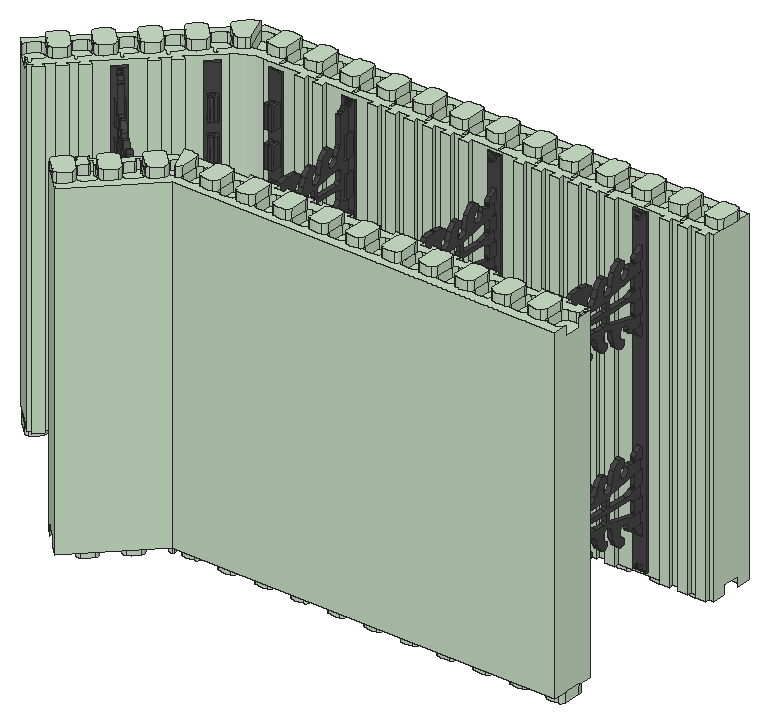
Revit family "ICF- NUDURA 8-inch- 45 Degree Form Unit- Imperial", category Generic Models, Revit 2011 (continued)
Definition of nested family "NUDURA Logo Diamond Missing Outside Line"
  Lines and regions (in)
    model lines
      curve 197: line (11.82444, 0, 9.40811) -> (11.82444, 0, 9.51182)
      curve 198: line (11.87938, 0, 9.56195) -> (12.31108, 0, 9.46528)
      curve 199: line (12.31108, 0, 9.46528) -> (12.31108, 0, 9.98469)
      curve 200: line (12.31108, 0, 9.98469) -> (11.90664, 0, 10.07526)
      curve 201: line (11.90664, 0, 10.07526) -> (12.31108, 0, 10.20747)
      curve 202: line (12.31108, 0, 10.20747) -> (12.31108, 0, 10.60411)
      curve 203: arc (11.68379, 0, 9.65536) -> (11.73801, 0, 9.7708) -> (11.86146, 0, 9.80279) r 0.15
      curve 204: arc (11.68379, 0, 9.35864) -> (11.74962, 0, 9.17112) -> (11.91823, 0, 9.06589) r 0.3
      curve 205: arc (11.84417, 0, 8.22149) -> (11.72718, 0, 8.32679) -> (11.68379, 0, 8.47809) r 0.28547
      curve 206: arc (11.68379, 0, 8.07193) -> (11.73147, 0, 8.18158) -> (11.84417, 0, 8.22149) r 0.14992
      curve 207: arc (11.68379, 0, 7.77522) -> (11.74962, 0, 7.58769) -> (11.91823, 0, 7.48247) r 0.3
      curve 208: arc (11.82444, 0, 7.82469) -> (11.84638, 0, 7.76218) -> (11.90258, 0, 7.7271) r 0.1
      curve 209: arc (11.82444, 0, 7.92839) -> (11.84318, 0, 7.96742) -> (11.88536, 0, 7.97718) r 0.05
      curve 210: arc (12.12077, 0, 6.90405) -> (12.08541, 0, 6.91869) -> (12.07077, 0, 6.95405) r 0.05
      curve 211: arc (12.16108, 0, 6.90405) -> (12.19644, 0, 6.91869) -> (12.21108, 0, 6.95405) r 0.05
      curve 212: arc (11.97077, 0, 6.99425) -> (11.95612, 0, 6.95889) -> (11.92077, 0, 6.94425) r 0.05
      curve 213: arc (11.90321, 0, 6.67694) -> (11.96756, 0, 6.70069) -> (12.00104, 0, 6.76055) r 0.09904
      curve 214: arc (12.00104, 0, 6.76055) -> (12.1681, 0, 6.63117) -> (12.31108, 0, 6.78674) r 0.15613
      curve 215: arc (12.08042, 0, 8.17826) -> (12.24181, 0, 8.22914) -> (12.31108, 0, 8.38353) r 0.20667
      curve 216: arc (11.82444, 0, 8.55476) -> (11.9976, 0, 8.3816) -> (12.17077, 0, 8.55476) r 0.17317
      curve 217: arc (11.82444, 0, 9.40811) -> (11.84638, 0, 9.34561) -> (11.90258, 0, 9.31053) r 0.1
      curve 218: arc (11.82444, 0, 9.51182) -> (11.8459, 0, 9.55306) -> (11.892, 0, 9.55913) r 0.05034
      curve 219: arc (11.24744, 0, 12.12855) -> (11.35727, 0, 12.39372) -> (11.62244, 0, 12.50355) r 0.375
      curve 220: arc (12.37244, 0, 12.50355) -> (12.6376, 0, 12.39372) -> (12.74744, 0, 12.12855) r 0.375
      curve 221: arc (11.24744, 0, 5.87855) -> (11.35727, 0, 5.61339) -> (11.62244, 0, 5.50355) r 0.375
      curve 222: arc (12.37244, 0, 5.50355) -> (12.6376, 0, 5.61339) -> (12.74744, 0, 5.87855) r 0.375
      curve 223: line (9.99744, 0, 18) -> (9.99744, 0, 0)
      curve 224: line (13.99744, 0, 18) -> (13.99744, 0, 0)
Definition of nested family "NUDURA Diamond Pattern Missing Two Lines"
  Reference planes (in)
    plane 1 "Center (Front/Back)": y = 0
    plane 2: z = 0
    plane 3 "Center (Left/Right)": x = 0
    plane 4: z = 18
  Lines and regions (in)
    model lines
      curve 1: line (2, -5.625, 18) -> (2, -5.625, 0)
      curve 2: line (3.35367, -5.625, 16.98484) -> (3.69709, -5.625, 16.64142)
      curve 3: arc (3.35367, -5.625, 17.51517) -> (3.24384, -5.625, 17.25) -> (3.35367, -5.625, 16.98484) r 0.375
      curve 4: line (3.72867, -5.625, 17.89017) -> (3.35367, -5.625, 17.51517)
      curve 5: arc (4.259, -5.625, 17.89017) -> (3.99384, -5.625, 18) -> (3.72867, -5.625, 17.89017) r 0.375
      curve 6: line (4.634, -5.625, 17.51517) -> (4.259, -5.625, 17.89017)
      curve 7: arc (4.634, -5.625, 16.98484) -> (4.74384, -5.625, 17.25) -> (4.634, -5.625, 17.51517) r 0.375
      curve 8: line (4.29059, -5.625, 16.64142) -> (4.634, -5.625, 16.98484)
      curve 9: arc (4.17062, -5.625, 17.80178) -> (3.99384, -5.625, 17.875) -> (3.81706, -5.625, 17.80178) r 0.25
      curve 10: line (4.54562, -5.625, 17.42678) -> (4.17062, -5.625, 17.80178)
      curve 11: arc (4.54562, -5.625, 17.07322) -> (4.61884, -5.625, 17.25) -> (4.54562, -5.625, 17.42678) r 0.25
      curve 12: line (4.17062, -5.625, 16.69822) -> (4.54562, -5.625, 17.07322)
      curve 13: arc (3.81706, -5.625, 16.69822) -> (3.99384, -5.625, 16.625) -> (4.17062, -5.625, 16.69822) r 0.25
      curve 14: line (3.44206, -5.625, 17.07322) -> (3.81706, -5.625, 16.69822)
      curve 15: arc (3.44206, -5.625, 17.42678) -> (3.36884, -5.625, 17.25) -> (3.44206, -5.625, 17.07322) r 0.25
      curve 16: line (3.81706, -5.625, 17.80178) -> (3.44206, -5.625, 17.42678)
      curve 17: arc (3.69709, -5.625, 16.35858) -> (3.75567, -5.625, 16.5) -> (3.69709, -5.625, 16.64142) r 0.2
      curve 18: line (4.634, -5.625, 16.01517) -> (4.29059, -5.625, 16.35858)
      curve 19: arc (4.634, -5.625, 15.48484) -> (4.74384, -5.625, 15.75) -> (4.634, -5.625, 16.01517) r 0.375
      curve 20: line (4.29059, -5.625, 15.14142) -> (4.634, -5.625, 15.48484)
      curve 21: line (3.35367, -5.625, 15.48484) -> (3.69709, -5.625, 15.14142)
      curve 22: arc (3.35367, -5.625, 16.01517) -> (3.24384, -5.625, 15.75) -> (3.35367, -5.625, 15.48484) r 0.375
      curve 23: line (3.69709, -5.625, 16.35858) -> (3.35367, -5.625, 16.01517)
      curve 24: arc (4.17062, -5.625, 16.30178) -> (3.99384, -5.625, 16.375) -> (3.81706, -5.625, 16.30178) r 0.25
      curve 25: line (3.81706, -5.625, 16.30178) -> (3.44206, -5.625, 15.92678)
      curve 26: arc (3.44206, -5.625, 15.92678) -> (3.36884, -5.625, 15.75) -> (3.44206, -5.625, 15.57322) r 0.25
      curve 27: line (3.44206, -5.625, 15.57322) -> (3.81706, -5.625, 15.19822)
      curve 28: arc (3.81706, -5.625, 15.19822) -> (3.99384, -5.625, 15.125) -> (4.17062, -5.625, 15.19822) r 0.25
      curve 29: line (4.17062, -5.625, 15.19822) -> (4.54562, -5.625, 15.57322)
      curve 30: arc (4.54562, -5.625, 15.57322) -> (4.61884, -5.625, 15.75) -> (4.54562, -5.625, 15.92678) r 0.25
      curve 31: line (4.54562, -5.625, 15.92678) -> (4.17062, -5.625, 16.30178)
      curve 32: arc (3.69709, -5.625, 14.85858) -> (3.75567, -5.625, 15) -> (3.69709, -5.625, 15.14142) r 0.2
      curve 33: line (4.634, -5.625, 14.51517) -> (4.29059, -5.625, 14.85858)
      curve 34: arc (4.634, -5.625, 13.98484) -> (4.74384, -5.625, 14.25) -> (4.634, -5.625, 14.51517) r 0.375
      curve 35: line (4.29059, -5.625, 13.64142) -> (4.634, -5.625, 13.98484)
      curve 36: line (3.35367, -5.625, 13.98484) -> (3.69709, -5.625, 13.64142)
      curve 37: arc (3.35367, -5.625, 14.51517) -> (3.24384, -5.625, 14.25) -> (3.35367, -5.625, 13.98484) r 0.375
      curve 38: line (3.69709, -5.625, 14.85858) -> (3.35367, -5.625, 14.51517)
      curve 39: arc (4.17062, -5.625, 14.80178) -> (3.99384, -5.625, 14.875) -> (3.81706, -5.625, 14.80178) r 0.25
      curve 40: line (3.81706, -5.625, 14.80178) -> (3.44206, -5.625, 14.42678)
      curve 41: arc (3.44206, -5.625, 14.42678) -> (3.36884, -5.625, 14.25) -> (3.44206, -5.625, 14.07322) r 0.25
      curve 42: line (3.44206, -5.625, 14.07322) -> (3.81706, -5.625, 13.69822)
      curve 43: arc (3.81706, -5.625, 13.69822) -> (3.99384, -5.625, 13.625) -> (4.17062, -5.625, 13.69822) r 0.25
      curve 44: line (4.17062, -5.625, 13.69822) -> (4.54562, -5.625, 14.07322)
      curve 45: arc (4.54562, -5.625, 14.07322) -> (4.61884, -5.625, 14.25) -> (4.54562, -5.625, 14.42678) r 0.25
      curve 46: line (4.54562, -5.625, 14.42678) -> (4.17062, -5.625, 14.80178)
      curve 47: arc (3.69709, -5.625, 13.35858) -> (3.75567, -5.625, 13.5) -> (3.69709, -5.625, 13.64142) r 0.2
      curve 48: line (4.634, -5.625, 13.01517) -> (4.29059, -5.625, 13.35858)
      curve 49: arc (4.634, -5.625, 12.48484) -> (4.74384, -5.625, 12.75) -> (4.634, -5.625, 13.01517) r 0.375
      curve 50: line (4.29059, -5.625, 12.14142) -> (4.634, -5.625, 12.48484)
      curve 51: line (3.35367, -5.625, 12.48484) -> (3.69709, -5.625, 12.14142)
      curve 52: arc (3.35367, -5.625, 13.01517) -> (3.24384, -5.625, 12.75) -> (3.35367, -5.625, 12.48484) r 0.375
      curve 53: line (3.69709, -5.625, 13.35858) -> (3.35367, -5.625, 13.01517)
      curve 54: arc (4.17062, -5.625, 13.30178) -> (3.99384, -5.625, 13.375) -> (3.81706, -5.625, 13.30178) r 0.25
      curve 55: line (3.81706, -5.625, 13.30178) -> (3.44206, -5.625, 12.92678)
      curve 56: arc (3.44206, -5.625, 12.92678) -> (3.36884, -5.625, 12.75) -> (3.44206, -5.625, 12.57322) r 0.25
      curve 57: line (3.44206, -5.625, 12.57322) -> (3.81706, -5.625, 12.19822)
      curve 58: arc (3.81706, -5.625, 12.19822) -> (3.99384, -5.625, 12.125) -> (4.17062, -5.625, 12.19822) r 0.25
      curve 59: line (4.17062, -5.625, 12.19822) -> (4.54562, -5.625, 12.57322)
      curve 60: arc (4.54562, -5.625, 12.57322) -> (4.61884, -5.625, 12.75) -> (4.54562, -5.625, 12.92678) r 0.25
      curve 61: line (4.54562, -5.625, 12.92678) -> (4.17062, -5.625, 13.30178)
      curve 62: arc (3.69709, -5.625, 11.85858) -> (3.75567, -5.625, 12) -> (3.69709, -5.625, 12.14142) r 0.2
      curve 63: line (4.634, -5.625, 11.51517) -> (4.29059, -5.625, 11.85858)
      curve 64: arc (4.634, -5.625, 10.98484) -> (4.74384, -5.625, 11.25) -> (4.634, -5.625, 11.51517) r 0.375
      curve 65: line (4.29059, -5.625, 10.64142) -> (4.634, -5.625, 10.98484)
      curve 66: line (3.35367, -5.625, 10.98484) -> (3.69709, -5.625, 10.64142)
      curve 67: arc (3.35367, -5.625, 11.51517) -> (3.24384, -5.625, 11.25) -> (3.35367, -5.625, 10.98484) r 0.375
      curve 68: line (3.69709, -5.625, 11.85858) -> (3.35367, -5.625, 11.51517)
      curve 69: arc (4.17062, -5.625, 11.80178) -> (3.99384, -5.625, 11.875) -> (3.81706, -5.625, 11.80178) r 0.25
      curve 70: line (3.81706, -5.625, 11.80178) -> (3.44206, -5.625, 11.42678)
      curve 71: arc (3.44206, -5.625, 11.42678) -> (3.36884, -5.625, 11.25) -> (3.44206, -5.625, 11.07322) r 0.25
      curve 72: line (3.44206, -5.625, 11.07322) -> (3.81706, -5.625, 10.69822)
      curve 73: arc (3.81706, -5.625, 10.69822) -> (3.99384, -5.625, 10.625) -> (4.17062, -5.625, 10.69822) r 0.25
      curve 74: line (4.17062, -5.625, 10.69822) -> (4.54562, -5.625, 11.07322)
      curve 75: arc (4.54562, -5.625, 11.07322) -> (4.61884, -5.625, 11.25) -> (4.54562, -5.625, 11.42678) r 0.25
      curve 76: line (4.54562, -5.625, 11.42678) -> (4.17062, -5.625, 11.80178)
      curve 77: arc (3.69709, -5.625, 10.35858) -> (3.75567, -5.625, 10.5) -> (3.69709, -5.625, 10.64142) r 0.2
      curve 78: line (4.634, -5.625, 10.01517) -> (4.29059, -5.625, 10.35858)
      curve 79: arc (4.634, -5.625, 9.48484) -> (4.74384, -5.625, 9.75) -> (4.634, -5.625, 10.01517) r 0.375
      curve 80: line (4.29059, -5.625, 9.14142) -> (4.634, -5.625, 9.48484)
      curve 81: line (3.35367, -5.625, 9.48484) -> (3.69709, -5.625, 9.14142)
      curve 82: arc (3.35367, -5.625, 10.01517) -> (3.24384, -5.625, 9.75) -> (3.35367, -5.625, 9.48484) r 0.375
      curve 83: line (3.69709, -5.625, 10.35858) -> (3.35367, -5.625, 10.01517)
      curve 84: arc (4.17062, -5.625, 10.30178) -> (3.99384, -5.625, 10.375) -> (3.81706, -5.625, 10.30178) r 0.25
      curve 85: line (3.81706, -5.625, 10.30178) -> (3.44206, -5.625, 9.92678)
      curve 86: arc (3.44206, -5.625, 9.92678) -> (3.36884, -5.625, 9.75) -> (3.44206, -5.625, 9.57322) r 0.25
      curve 87: line (3.44206, -5.625, 9.57322) -> (3.81706, -5.625, 9.19822)
      curve 88: arc (3.81706, -5.625, 9.19822) -> (3.99384, -5.625, 9.125) -> (4.17062, -5.625, 9.19822) r 0.25
      curve 89: line (4.17062, -5.625, 9.19822) -> (4.54562, -5.625, 9.57322)
      curve 90: arc (4.54562, -5.625, 9.57322) -> (4.61884, -5.625, 9.75) -> (4.54562, -5.625, 9.92678) r 0.25
      curve 91: line (4.54562, -5.625, 9.92678) -> (4.17062, -5.625, 10.30178)
      curve 92: arc (3.69709, -5.625, 8.85858) -> (3.75567, -5.625, 9) -> (3.69709, -5.625, 9.14142) r 0.2
      curve 93: line (4.634, -5.625, 8.51517) -> (4.29059, -5.625, 8.85858)
      curve 94: arc (4.634, -5.625, 7.98484) -> (4.74384, -5.625, 8.25) -> (4.634, -5.625, 8.51517) r 0.375
      curve 95: line (4.29059, -5.625, 7.64142) -> (4.634, -5.625, 7.98484)
      curve 96: line (3.35367, -5.625, 7.98484) -> (3.69709, -5.625, 7.64142)
      curve 97: arc (3.35367, -5.625, 8.51517) -> (3.24384, -5.625, 8.25) -> (3.35367, -5.625, 7.98484) r 0.375
      curve 98: line (3.69709, -5.625, 8.85858) -> (3.35367, -5.625, 8.51517)
      curve 99: arc (4.17062, -5.625, 8.80178) -> (3.99384, -5.625, 8.875) -> (3.81706, -5.625, 8.80178) r 0.25
      curve 100: line (3.81706, -5.625, 8.80178) -> (3.44206, -5.625, 8.42678)
      curve 101: arc (3.44206, -5.625, 8.42678) -> (3.36884, -5.625, 8.25) -> (3.44206, -5.625, 8.07322) r 0.25
      curve 102: line (3.44206, -5.625, 8.07322) -> (3.81706, -5.625, 7.69822)
      curve 103: arc (3.81706, -5.625, 7.69822) -> (3.99384, -5.625, 7.625) -> (4.17062, -5.625, 7.69822) r 0.25
      curve 104: line (4.17062, -5.625, 7.69822) -> (4.54562, -5.625, 8.07322)
      curve 105: arc (4.54562, -5.625, 8.07322) -> (4.61884, -5.625, 8.25) -> (4.54562, -5.625, 8.42678) r 0.25
      curve 106: line (4.54562, -5.625, 8.42678) -> (4.17062, -5.625, 8.80178)
      curve 107: arc (3.69709, -5.625, 7.35858) -> (3.75567, -5.625, 7.5) -> (3.69709, -5.625, 7.64142) r 0.2
      curve 108: line (4.634, -5.625, 7.01517) -> (4.29059, -5.625, 7.35858)
      curve 109: arc (4.634, -5.625, 6.48484) -> (4.74384, -5.625, 6.75) -> (4.634, -5.625, 7.01517) r 0.375
      curve 110: line (4.29059, -5.625, 6.14142) -> (4.634, -5.625, 6.48484)
      curve 111: line (3.35367, -5.625, 6.48484) -> (3.69709, -5.625, 6.14142)
      curve 112: arc (3.35367, -5.625, 7.01517) -> (3.24384, -5.625, 6.75) -> (3.35367, -5.625, 6.48484) r 0.375
      curve 113: line (3.69709, -5.625, 7.35858) -> (3.35367, -5.625, 7.01517)
      curve 114: arc (4.17062, -5.625, 7.30178) -> (3.99384, -5.625, 7.375) -> (3.81706, -5.625, 7.30178) r 0.25
      curve 115: line (3.81706, -5.625, 7.30178) -> (3.44206, -5.625, 6.92678)
      curve 116: arc (3.44206, -5.625, 6.92678) -> (3.36884, -5.625, 6.75) -> (3.44206, -5.625, 6.57322) r 0.25
      curve 117: line (3.44206, -5.625, 6.57322) -> (3.81706, -5.625, 6.19822)
      curve 118: arc (3.81706, -5.625, 6.19822) -> (3.99384, -5.625, 6.125) -> (4.17062, -5.625, 6.19822) r 0.25
      curve 119: line (4.17062, -5.625, 6.19822) -> (4.54562, -5.625, 6.57322)
      curve 120: arc (4.54562, -5.625, 6.57322) -> (4.61884, -5.625, 6.75) -> (4.54562, -5.625, 6.92678) r 0.25
      curve 121: line (4.54562, -5.625, 6.92678) -> (4.17062, -5.625, 7.30178)
      curve 122: arc (3.69709, -5.625, 5.85858) -> (3.75567, -5.625, 6) -> (3.69709, -5.625, 6.14142) r 0.2
      curve 123: line (4.634, -5.625, 5.51517) -> (4.29059, -5.625, 5.85858)
      curve 124: arc (4.634, -5.625, 4.98484) -> (4.74384, -5.625, 5.25) -> (4.634, -5.625, 5.51517) r 0.375
      curve 125: line (4.29059, -5.625, 4.64142) -> (4.634, -5.625, 4.98484)
      curve 126: line (3.35367, -5.625, 4.98484) -> (3.69709, -5.625, 4.64142)
      curve 127: arc (3.35367, -5.625, 5.51517) -> (3.24384, -5.625, 5.25) -> (3.35367, -5.625, 4.98484) r 0.375
      curve 128: line (3.69709, -5.625, 5.85858) -> (3.35367, -5.625, 5.51517)
      curve 129: arc (4.17062, -5.625, 5.80178) -> (3.99384, -5.625, 5.875) -> (3.81706, -5.625, 5.80178) r 0.25
      curve 130: line (3.81706, -5.625, 5.80178) -> (3.44206, -5.625, 5.42678)
      curve 131: arc (3.44206, -5.625, 5.42678) -> (3.36884, -5.625, 5.25) -> (3.44206, -5.625, 5.07322) r 0.25
      curve 132: line (3.44206, -5.625, 5.07322) -> (3.81706, -5.625, 4.69822)
      curve 133: arc (3.81706, -5.625, 4.69822) -> (3.99384, -5.625, 4.625) -> (4.17062, -5.625, 4.69822) r 0.25
      curve 134: line (4.17062, -5.625, 4.69822) -> (4.54562, -5.625, 5.07322)
      curve 135: arc (4.54562, -5.625, 5.07322) -> (4.61884, -5.625, 5.25) -> (4.54562, -5.625, 5.42678) r 0.25
      curve 136: line (4.54562, -5.625, 5.42678) -> (4.17062, -5.625, 5.80178)
      curve 137: arc (3.69709, -5.625, 4.35858) -> (3.75567, -5.625, 4.5) -> (3.69709, -5.625, 4.64142) r 0.2
      curve 138: line (4.634, -5.625, 4.01517) -> (4.29059, -5.625, 4.35858)
      curve 139: arc (4.634, -5.625, 3.48484) -> (4.74384, -5.625, 3.75) -> (4.634, -5.625, 4.01517) r 0.375
      curve 140: line (4.29059, -5.625, 3.14142) -> (4.634, -5.625, 3.48484)
      curve 141: line (3.35367, -5.625, 3.48484) -> (3.69709, -5.625, 3.14142)
      curve 142: arc (3.35367, -5.625, 4.01517) -> (3.24384, -5.625, 3.75) -> (3.35367, -5.625, 3.48484) r 0.375
      curve 143: line (3.69709, -5.625, 4.35858) -> (3.35367, -5.625, 4.01517)
      curve 144: arc (4.17062, -5.625, 4.30178) -> (3.99384, -5.625, 4.375) -> (3.81706, -5.625, 4.30178) r 0.25
      curve 145: line (3.81706, -5.625, 4.30178) -> (3.44206, -5.625, 3.92678)
      curve 146: arc (3.44206, -5.625, 3.92678) -> (3.36884, -5.625, 3.75) -> (3.44206, -5.625, 3.57322) r 0.25
      curve 147: line (3.44206, -5.625, 3.57322) -> (3.81706, -5.625, 3.19822)
      curve 148: arc (3.81706, -5.625, 3.19822) -> (3.99384, -5.625, 3.125) -> (4.17062, -5.625, 3.19822) r 0.25
      curve 149: line (4.17062, -5.625, 3.19822) -> (4.54562, -5.625, 3.57322)
      curve 150: arc (4.54562, -5.625, 3.57322) -> (4.61884, -5.625, 3.75) -> (4.54562, -5.625, 3.92678) r 0.25
      curve 151: line (4.54562, -5.625, 3.92678) -> (4.17062, -5.625, 4.30178)
      curve 152: arc (3.69709, -5.625, 2.85858) -> (3.75567, -5.625, 3) -> (3.69709, -5.625, 3.14142) r 0.2
      curve 153: line (4.634, -5.625, 2.51517) -> (4.29059, -5.625, 2.85858)
      curve 154: arc (4.634, -5.625, 1.98484) -> (4.74384, -5.625, 2.25) -> (4.634, -5.625, 2.51517) r 0.375
      curve 155: line (4.29059, -5.625, 1.64142) -> (4.634, -5.625, 1.98484)
      curve 156: line (3.35367, -5.625, 1.98484) -> (3.69709, -5.625, 1.64142)
      curve 157: arc (3.35367, -5.625, 2.51517) -> (3.24384, -5.625, 2.25) -> (3.35367, -5.625, 1.98484) r 0.375
      curve 158: line (3.69709, -5.625, 2.85858) -> (3.35367, -5.625, 2.51517)
      curve 159: arc (4.17062, -5.625, 2.80178) -> (3.99384, -5.625, 2.875) -> (3.81706, -5.625, 2.80178) r 0.25
      curve 160: line (3.81706, -5.625, 2.80178) -> (3.44206, -5.625, 2.42678)
      curve 161: arc (3.44206, -5.625, 2.42678) -> (3.36884, -5.625, 2.25) -> (3.44206, -5.625, 2.07322) r 0.25
      curve 162: line (3.44206, -5.625, 2.07322) -> (3.81706, -5.625, 1.69822)
      curve 163: arc (3.81706, -5.625, 1.69822) -> (3.99384, -5.625, 1.625) -> (4.17062, -5.625, 1.69822) r 0.25
      curve 164: line (4.17062, -5.625, 1.69822) -> (4.54562, -5.625, 2.07322)
      curve 165: arc (4.54562, -5.625, 2.07322) -> (4.61884, -5.625, 2.25) -> (4.54562, -5.625, 2.42678) r 0.25
      curve 166: line (4.54562, -5.625, 2.42678) -> (4.17062, -5.625, 2.80178)
      curve 167: arc (3.69709, -5.625, 1.35858) -> (3.75567, -5.625, 1.5) -> (3.69709, -5.625, 1.64142) r 0.2
      curve 168: line (3.69709, -5.625, 1.35858) -> (3.35367, -5.625, 1.01517)
      curve 169: arc (3.35367, -5.625, 1.01517) -> (3.24384, -5.625, 0.75) -> (3.35367, -5.625, 0.48484) r 0.375
      curve 170: line (3.35367, -5.625, 0.48484) -> (3.72867, -5.625, 0.10984)
      curve 171: arc (3.72867, -5.625, 0.10984) -> (3.99384, -5.625, 0) -> (4.259, -5.625, 0.10984) r 0.375
      curve 172: line (4.259, -5.625, 0.10984) -> (4.634, -5.625, 0.48484)
      curve 173: arc (4.634, -5.625, 0.48484) -> (4.74384, -5.625, 0.75) -> (4.634, -5.625, 1.01517) r 0.375
      curve 174: line (4.634, -5.625, 1.01517) -> (4.29059, -5.625, 1.35858)
      curve 175: arc (4.29059, -5.625, 1.64142) -> (4.23201, -5.625, 1.5) -> (4.29059, -5.625, 1.35858) r 0.2
      curve 176: arc (4.17062, -5.625, 1.30178) -> (3.99384, -5.625, 1.375) -> (3.81706, -5.625, 1.30178) r 0.25
      curve 177: line (4.54562, -5.625, 0.92678) -> (4.17062, -5.625, 1.30178)
      curve 178: arc (4.54562, -5.625, 0.57322) -> (4.61884, -5.625, 0.75) -> (4.54562, -5.625, 0.92678) r 0.25
      curve 179: line (4.17062, -5.625, 0.19822) -> (4.54562, -5.625, 0.57322)
      curve 180: arc (3.81706, -5.625, 0.19822) -> (3.99384, -5.625, 0.125) -> (4.17062, -5.625, 0.19822) r 0.25
      curve 181: line (3.44206, -5.625, 0.57322) -> (3.81706, -5.625, 0.19822)
      curve 182: arc (3.44206, -5.625, 0.92678) -> (3.36884, -5.625, 0.75) -> (3.44206, -5.625, 0.57322) r 0.25
      curve 183: line (3.81706, -5.625, 1.30178) -> (3.44206, -5.625, 0.92678)
      curve 184: arc (4.29059, -5.625, 3.14142) -> (4.23201, -5.625, 3) -> (4.29059, -5.625, 2.85858) r 0.2
      curve 185: arc (4.29059, -5.625, 4.64142) -> (4.23201, -5.625, 4.5) -> (4.29059, -5.625, 4.35858) r 0.2
      curve 186: arc (4.29059, -5.625, 6.14142) -> (4.23201, -5.625, 6) -> (4.29059, -5.625, 5.85858) r 0.2
      curve 187: arc (4.29059, -5.625, 7.64142) -> (4.23201, -5.625, 7.5) -> (4.29059, -5.625, 7.35858) r 0.2
      curve 188: arc (4.29059, -5.625, 9.14142) -> (4.23201, -5.625, 9) -> (4.29059, -5.625, 8.85858) r 0.2
      curve 189: arc (4.29059, -5.625, 10.64142) -> (4.23201, -5.625, 10.5) -> (4.29059, -5.625, 10.35858) r 0.2
      curve 190: arc (4.29059, -5.625, 12.14142) -> (4.23201, -5.625, 12) -> (4.29059, -5.625, 11.85858) r 0.2
      curve 191: arc (4.29059, -5.625, 13.64142) -> (4.23201, -5.625, 13.5) -> (4.29059, -5.625, 13.35858) r 0.2
      curve 192: arc (4.29059, -5.625, 15.14142) -> (4.23201, -5.625, 15) -> (4.29059, -5.625, 14.85858) r 0.2
      curve 193: arc (4.29059, -5.625, 16.64142) -> (4.23201, -5.625, 16.5) -> (4.29059, -5.625, 16.35858) r 0.2
